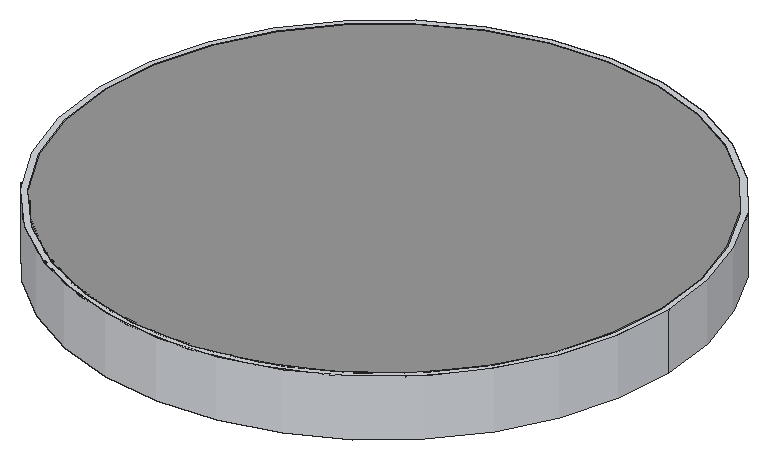
Revit family "2071225", category Lighting Fixtures, host Face, Revit 2018
Family settings
  Host = Face
  Round Connector Dimension = Use Diameter
  Part Type = Normal
  OmniClass Number = 23.80.70.00
  OmniClass Title = Lighting
  Cut with Voids When Loaded = No
  Light Source = Yes
  Shared = No
  Room Calculation Point = No
Parameters (values of type "2071225 COLOSSAL 600 940 OP DIR+H WHT SSA02")
  iner diameter = 588 mm
  Weight = "n/a"
  Wattage Comments = ""
  Wattage = 30 W
  WarrantyStartDate [instance] = "n/a"
  WarrantyGuarantorParts = "n/a"
  WarrantyDurationUnit = "n/a"
  WarrantyDurationParts = ""
  WarrantyDescription = "http://www.sylvania-lighting.com"
  built-in parameter 1150110 = 1 (stored number, unit not read)
  Voltage = 230 V
  URL = "0.95"
  TypeName = "COLOSSAL 600mm 940 OPAL DIR+HAL WHITE SSA02"
  Type Image = <None>
  Type Comments = "n/a"
  built-in parameter 1114217 = 1 (stored number, unit not read)
  Tilt Angle = -90.00°
  built-in parameter 1150109 = 1 (stored number, unit not read)
  built-in parameter 1150134 = (empty or 0)
  built-in parameter 1150113 = 1 (stored number, unit not read)
  SerialNumber [instance] = "n/a"
  Photometric Web File = "2071225.ies"
  Material_3_SYL = LED-Sylvania
  PowerFactor = 0
  PowerConsumption = "Lighting"
  NominalLength = 600 mm
  NominalHeight = 93 mm
  NominalDepth = 600 mm
  Name = "COLOSSAL 600mm 940 OPAL DIR+HAL WHITE SSA02"
  ModelReference = Name  # "COLOSSAL 600mm 940 OPAL DIR+HAL WHITE SSA02"
  ModelNumber = "2071225"
  Model = Name  # "COLOSSAL 600mm 940 OPAL DIR+HAL WHITE SSA02"
  Material = "Feilo Sylvania"
  ManufacturerName = "117 lm/W"
  Manufacturer = ""
  LuminousEfficacy = ""
  built-in parameter 1150105 = 270.44 (stored number, unit not read)
  Lumens = 3398.4 lm
  LuminaireType = "0"
  built-in parameter 1150115 = 1 (stored number, unit not read)
  LightOutputRatio = "LED"
  built-in parameter 1150137 = (empty or 0)
  built-in parameter 1150139 = (empty or 0)
  LampsType = Lamp  # "n/a"
  LampNominalLuminous = "4000 K"
  LampMacAdamStep = "90"
  LampColourTemperature = "LED"
  LampColourRenderingIndex = "16500"
  built-in parameter 1150112 = 1 (stored number, unit not read)
  built-in parameter 1150114 = 1 (stored number, unit not read)
  Lamp = "n/a"
  Keynote = "n/a"
  InstallationDate [instance] = "n/a"
  InputVoltage = "0"
  InputNominalFrequency = "4000"
  built-in parameter 1150132 = (empty or 0)
  built-in parameter 1150102 = (empty or 0)
  built-in parameter 1150107 = 3000 (stored number, unit not read)
  built-in parameter 1150138 = (empty or 0)
  IngressProtection = "IfcLightFixtureType"
  ImpactProtectionIndex = "IfcLightFixtureType"
  built-in parameter 1150106 = 2.7044 (stored number, unit not read)
  IfcExportType = "IfcLightFixtureType"
  IfcExportAs = "Class I"
  Emit from Circle Diameter = 385 mm
  Emit Shape Visible in Rendering = no
  ElectricShockClassification = "117"
  built-in parameter 1150104 = 10.524 (stored number, unit not read)
  DocumentationLiterature = "http://www.sylvania-lighting.com/product/en-int/products/2071225"
  DimmingControlOptions = "n/a"
  Material_2_SYL = Polycarbonate_Sylvania_White
  Dimming Lamp Color Temperature Shift = <None>
  Description = "600mm diameter circular architectural luminaire, can be surface mounted or suspended. Powder coated aluminium housing (RAL9016) with polycarbonate opal diffuser. Direct/indirect (halo) light distribution, 4635lm luminuous flux, 39.7W system power, 117lm/W luminiaire efficacy. Sylsmart Connected enabled. Colour rendering index Ra >90, 4000K Neutral White LED, chromaticity tolerance of 3-step MacAdam ellipse. IP40, IK03. 450mA drive current. Electrical protection Class1, 220-240V. Reported lifetime 66k hours L90B10."
  Default Elevation = 1219.2 mm
  CreatedOn = "23/03/2022"
  CreatedBy = "@sylvania-lighting.com"
  Cost = 0
  Color Filter = 16777215
  built-in parameter 1114216 [instance] = (empty or 0)
  ClassificationValue = "EF_70_80"
  ClassificationName = "Uniclass2015"
  Material_1_SYL = Polycarbonate_Sylvania_Opal
  BarCode [instance] = "n/a"
  built-in parameter 1114218 = 1 (stored number, unit not read)
  built-in parameter 1150133 = 10 (stored number, unit not read)
  AssetType = "Fixed"
  AssetIdentifier [instance] = "n/a"
  Assembly Code = "D5020200"
  Apparent Load = 39.7 VA
  Material_4_SYL = none
Reference planes
  plane 1 "Center (Front/Back)": y = 0
  plane 2: z = 0
  plane 3 "Center (Left/Right)": x = 0
  plane 4: x = -300
  plane 5: x = 300
  plane 6: y = 300
  plane 7: y = -300
  plane 8: y = 212
  plane 9: y = -212
  plane 10: z = 93
  plane 11: y = 294
  plane 12: y = -294
  plane 13: through (0, 0, 1219.2) normal (0.5, -0.866, 0)
  plane 14: through (-134.29, 20.617, 1219.2) normal (0.5, -0.866, 0)
  plane 15: through (-144.685, -181.683, 1219.2) normal (-0.5, 0.866, 0)
  plane 16: through (0, 0, 1219.2) normal (0.5, 0.866, 0)
  plane 17: through (178.555, -4.939, 1219.2) normal (0.5, 0.866, 0)
  plane 18: through (87.581, -148.715, 1219.2) normal (0.5, 0.866, 0)
  plane 19: y = 272
  plane 20: through (105.168, 227.067, 1219.2) normal (0.866, 0.5, 0)
  plane 21: through (-104.171, 225.672, 1219.2) normal (0.8572, -0.515, 0)
  plane 22: y = -204.612
  plane 23: through (-296.643, -30.2, 1219.2) normal (0.866, 0.5, 0)
  plane 24: through (153.092, -278.837, 1219.2) normal (-0.866, 0.5, 0)
Forms (mm)
  Extrusion 1, solid, detail levels medium+fine
    sketch origin (0, 0, 0) x (1, 0, 0) y (0, 1, 0)
      loop
        circle (0, 0) r 300
    from 33.023 to 93
  Extrusion 2, void
    sketch origin (0, 0, 0) x (1, 0, 0) y (0, 1, 0)
      loop
        circle (0, 0) r 294
    from 93 to 37.292
  Extrusion 3, solid, material "Glass, White, High Luminance", detail levels fine
    sketch origin (0, 0, 0) x (1, 0, 0) y (0, 1, 0)
      loop
        circle (0, 0) r 294
    from 88.026 to 93
  Extrusion 4, solid, detail levels coarse
    sketch origin (0, 0, 0) x (1, 0, 0) y (0, 1, 0)
      loop
        line (-300, 300) -> (-300, -300) -> (300, -300) -> (300, 300) -> (-300, 300)
    from 0 to 93
  Blend 5, solid, detail levels medium+fine
    base sketch origin (0, 0, 0) x (1, 0, 0) y (0, 1, 0)
      loop
        line (-76.334, 272) -> (-277.665, -63.07) -> (-195.946, -204.612) -> (195.946, -204.612) -> (275.172, -67.388) -> (79.226, 272) -> (-76.334, 272)
    top sketch origin (0, 0, 0) x (1, 0, 0) y (0, 1, 0)
      loop
        line (-226.097, -32.388) -> (-141.097, -179.612) -> (141.097, -179.612) -> (226.097, -32.388) -> (85, 212) -> (-85, 212) -> (-226.097, -32.388)
    from 33.023 to 0
Cuts and joins
  Extrusion 2 cuts Extrusion 1
Lines and regions (mm)
  model lines
    curve 1: line (-85, 212, 0) -> (0, 212, 0)
    curve 2: line (0, 212, 0) -> (85, 212, 0)
Dimensions and locks
  "NominalDepth": plane 6 to plane 7
  "NominalLength": plane 4 to plane 5
  equal spacing: plane 4, plane 3 "Center (Left/Right)", plane 5
  "iner diameter": plane 11 to plane 12
  equal spacing: plane 11, plane 1 "Center (Front/Back)", plane 12
  equal spacing: plane 6, plane 1 "Center (Front/Back)", plane 7
  "NominalHeight": plane 10 to level
  radius of Extrusion 2 sketch curve = 294 mm
  aligned and locked: plane 2 to host face
  aligned and locked: level to host face
Automatic sketch dimensions
  host sketch curve to host sketch curve = 2438.4 mm  (x2)
  plane 1 "Center (Front/Back)" to Extrusion 1 sketch curve = 0 mm
  Extrusion 1 sketch curve to plane 3 "Center (Left/Right)" = 0 mm
  plane 1 "Center (Front/Back)" to Extrusion 2 sketch curve = 0 mm
  Extrusion 2 sketch curve to plane 3 "Center (Left/Right)" = 0 mm
  plane 1 "Center (Front/Back)" to Extrusion 3 sketch curve = 0 mm
  Extrusion 3 sketch curve to plane 3 "Center (Left/Right)" = 0 mm
  Extrusion 4 sketch curve to plane 4 = 0 mm
  Extrusion 4 sketch curve to plane 5 = 0 mm
  Extrusion 4 sketch curve to plane 7 = 0 mm
  Extrusion 4 sketch curve to plane 6 = 0 mm
  Blend 5 sketch curve to plane 8 = 0 mm
  Blend 5 sketch curve to plane 3 "Center (Left/Right)" = 85 mm
  plane 3 "Center (Left/Right)" to Blend 5 sketch curve = 85 mm
  plane 9 to Blend 5 sketch curve = 32.388 mm
  plane 3 "Center (Left/Right)" to Blend 5 sketch curve = 141.097 mm
  plane 1 "Center (Front/Back)" to Blend 5 sketch curve = 32.388 mm  (x2)
  Blend 5 sketch curve to plane 5 = 73.903 mm
  Blend 5 sketch curve to plane 3 "Center (Left/Right)" = 141.097 mm
  plane 4 to Blend 5 sketch curve = 73.903 mm
  curve 1 to plane 8 = 0 mm
  curve 2 to plane 3 "Center (Left/Right)" = 0 mm
  curve 1 to plane 3 "Center (Left/Right)" = 85 mm
  curve 1 to curve 2 = 85 mm
  Blend 5 sketch curve to plane 21 = 0 mm
  Blend 5 sketch curve to plane 23 = 0 mm  (x2)
  Blend 5 sketch curve to plane 22 = 0 mm
  Blend 5 sketch curve to plane 19 = 0 mm
  plane 21 to Blend 5 sketch curve = 0 mm
  Blend 5 sketch curve to plane 20 = 0 mm  (x2)
  Blend 5 sketch curve to plane 24 = 0 mm  (x2)
  radius of Extrusion 1 sketch curve = 300 mm
  radius of Extrusion 3 sketch curve = 294 mm
Connectors
  electrical at (0, 0, 0), driven by "Apparent Load", driven by "PowerFactor", driven by "Voltage"
    settings: index 1, voltage 230 V, apparent load 39.7 VA, apparent load phase1 0 VA, apparent load phase2 0 VA, apparent load phase3 0 VA, power factor 0, load classification "Lighting", number of poles 1, system type 30, power factor state 1, is connector primary yes, connector utility no, sub classification motor no, connector description ""
